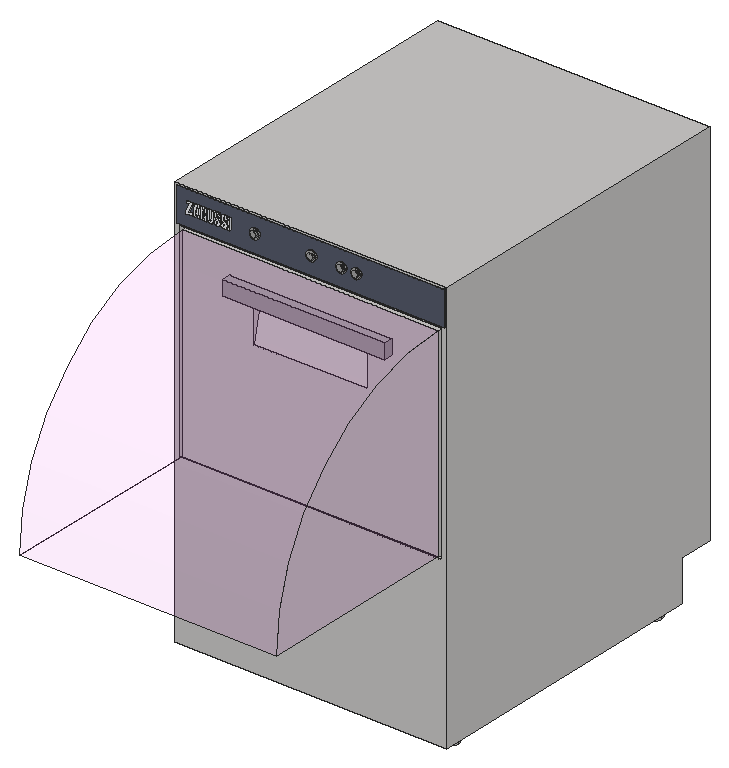
Revit family "QF_ZANUSSI_402298_ZSGC", category Attrezzature speciali, Revit 2020
Family settings
  Quota connettore circolare = Usa diametro
  Tipo di parte = Normale
  Basato su piano di lavoro = No
  Sempre verticale = Sì
  Taglio con vuoti quando caricato = No
  Condiviso = Sì
  Punto di calcolo locali = No
Parameters (values of type "Standard")
  Weight = 85.9803 lbm
  Watts = 2700 W
  Volts = 220 V
  URL Manufacturer = "http://www.zanussiprofessional.com"
  URL = "http://www.zanussiprofessional.com"
  Steam Supply Size = 0"
  Steam Supply Minimum Pressure = 0.00 psi
  Steam Supply Maximum Pressure = 0.00 psi
  Steam Consumption per Hour = 0
  Show Logo [instance] = yes
  Show Clearance [instance] = yes
  Refrigeration Suction Line Size = 0 mm
  Refrigeration Liquid Line Size = 0 mm
  Refrigerant Compressor Remote = yes
  Prospetto di default = 0 mm
  Produttore = "Zanussi"
  Phase = 1
  Modello = "ZSGC"
  Length Actual = 455 mm  # constant formula
  Item Number = "402298"
  Hot Water Size = 0"
  Height Actual = 700 mm  # constant formula
  HP = "3.6 HP"
  Gas Size = 0"
  Gas KW = 0
  Gas Input Pressure = 0.0 Btu/h
  Direct Waste Size = 1.14173"
  Descrizione = "GLASSWASHER(S) SINGLE SKIN, DRAIN PUMP, DETERGENT DISPENSER, COLD RINSE, 30B/H"
  Depth Actual = 550 mm  # constant formula
  Cycle = 50 Hz
  Condensate Return Size = 0"
  Compressed Air Volume = 0 GPM
  Compressed Air Size = 0"
  Compressed Air Pressure = 0.00 psi
  Cold Water Size = 3/4"
  Accessory = yes
Reference planes
  plane 1 "BACK": y = 0
  plane 2: z = 0
  plane 3 "LEFT": x = 0
  plane 4 "RIGHT": x = 455
  plane 5 "FRONT": y = -550
  plane 6 "TOP": z = 700
  plane 7: z = 80
Forms (mm)
  Extrusion 1, solid, material "QF_Finishes_Stainless Steel"
    sketch origin (572.404, -56, 162.714) x (1, 0, 0) y (0, 0, 1)
      loop
        line (-392.404, -132.714) -> (-392.404, -152.714) -> (-372.404, -152.714) -> (-372.404, -132.714) -> (-392.404, -132.714)
    from 0 to 2
  Extrusion 2, solid, material "QF_Finishes_Stainless Steel"
    sketch origin (492.814, -53, 212.692) x (1, 0, 0) y (0, 0, 1)
      loop
        circle (-372.814, -140.692) r 8
    from 0 to 5
  Extrusion 3, solid, material "QF_Finishes_Stainless Steel"
    sketch origin (0, 0, 0) x (0, 1, 0) y (0, 0, 1)
      loop
        line (0, 700) -> (-550, 700) -> (-550, 10) -> (-58, 10) -> (-58, 80) -> (0, 80) -> (0, 700)
    from 0 to 455
  Extrusion 4, void
    sketch origin (0, 0, 0) x (0, 1, 0) y (0, 0, 1)
      loop
        line (-520, 637) -> (-550, 637) -> (-550, 290) -> (-520, 290) -> (-520, 637)
    from 7.744 to 447.027
  Extrusion 5, solid, material "QF_Finishes_Stainless Steel"
    sketch origin (0, 0, 0) x (0, 1, 0) y (0, 0, 1)
      loop
        line (-525, 632) -> (-550, 632) -> (-550, 292) -> (-525, 292) -> (-525, 632)
    from 12.721 to 442.431
  Extrusion 6, void
    sketch origin (-10.963, 0, 0) x (0, 1, 0) y (0, 0, 1)
      loop
        line (-550, 567) -> (-550, 502) -> (-535, 567) -> (-550, 567)
    from 143.538 to 333.389
  Extrusion 7, solid, material "QF_Finishes_Gray"
    sketch origin (92.495, 0, 0) x (0, 1, 0) y (0, 0, 1)
      loop
        line (-550, 567) -> (-550, 592) -> (-565, 592) -> (-565, 567) -> (-550, 567)
    from 0 to 270.01
  Extrusion 8, solid, material "QF_Finishes_Navy Blue"
    sketch origin (0, 0, 0) x (0, 1, 0) y (0, 0, 1)
      loop
        line (-550, 640) -> (-550, 697) -> (-550.8, 697) -> (-550.8, 640) -> (-550, 640)
    from 3.223 to 451.973
  Revolve 9, solid, material "QF_Finishes_Door Clearance", visible <- "Show Clearance"
    sketch origin (0, -550, 0) x (1, 0, 0) y (0, 0, 1)
      loop
        line (12.721, 632) -> (12.721, 292) -> (442.431, 292) -> (442.431, 632) -> (12.721, 632)
      axis (442.431, 292) -> (12.721, 292)
    angle from 0 to -90
  Extrusion 10, solid, material "QF_Finishes_Stainless Steel"
    sketch origin (603.814, -53, 212.692) x (1, 0, 0) y (0, 0, 1)
      loop
        circle (-372.814, -140.692) r 8
    from 0 to 5
Cuts and joins
  Extrusion 4, Extrusion 6 cuts Extrusion 3
  Extrusion 6 cuts Extrusion 5
Dimensions and locks
  plane 1 "BACK" to plane 5 "FRONT" = 550 mm
  plane 4 "RIGHT" to plane 3 "LEFT" = 455 mm
  plane 6 "TOP" to level = 700 mm
  plane 3 "LEFT" to plane 4 "RIGHT" = 455 mm
  plane 5 "FRONT" to plane 1 "BACK" = 550 mm
  plane 6 "TOP" to plane 2 = 700 mm
  plane 7 to plane 2 = 80 mm
  cut or joined group of Extrusion 3, Extrusion 4, Extrusion 6 to Revolve 9 = 890 mm
  aligned and locked: level to plane 2
Nested families
  nested 1: "Piedino 10x12.5 mm - DISHWASHING" at (435.5, -517, 0), type "Piedino 10x12.5 mm - DISHWASHING"
  nested 2: "Piedino 10x12.5 mm - DISHWASHING" at (19.5, -517, 0) x (-1, 0, 0) z (0, 0, 1), type "Piedino 10x12.5 mm - DISHWASHING"
  nested 3: "Piedino 10x12.5 mm - DISHWASHING" at (435.5, -91, 0), type "Piedino 10x12.5 mm - DISHWASHING"
  nested 4: "Piedino 10x12.5 mm - DISHWASHING" at (19.5, -91, 0) x (-1, 0, 0) z (0, 0, 1), type "Piedino 10x12.5 mm - DISHWASHING"
  nested 5: "ZANUSSI_Logo - WHITE" at (62.415, -550.8, 719) x (1, 0, 0) z (0, -1, 0), Show Logo <- "Show Logo", visible <- "Show Logo", type "ZANUSSI_Logo - WHITE"
    with Show Logo yes
  nested 6: "Bottone grigio DISHWASHING" at (135, -550.8, 670) x (1, 0, 0) z (0, -1, 0), type "Bottone grigio DISHWASHING"
  nested 7: "Bottone grigio DISHWASHING" at (230, -550.8, 670) x (1, 0, 0) z (0, -1, 0), type "Bottone grigio DISHWASHING"
  nested 8: "Bottone grigio DISHWASHING" at (280, -550.8, 670) x (1, 0, 0) z (0, -1, 0), type "Bottone grigio DISHWASHING"
  nested 9: "Bottone grigio DISHWASHING" at (305, -550.8, 670) x (1, 0, 0) z (0, -1, 0), type "Bottone grigio DISHWASHING"
Connectors
  electrical at (190, -56, 20)
    settings: on Extrusion 1, index 3, voltage 0 V, apparent load 0 VA, apparent load phase1 0 VA, apparent load phase2 0 VA, apparent load phase3 0 VA, power factor 1, load classification "Altro", number of poles 1, system type 30, power factor state 1, is connector primary yes, connector utility no, sub classification motor no, connector description "EI"
  piping at (120, -53, 72), diameter 12.7
    settings: on Extrusion 2, index 4, connector inside diameter 24", connector length 0 mm, flow factor 0, pipe flow 0 GPM, pressure drop 0.00 psi, fitting loss kfactor 0, connector angle 0.00°, fixture units 0, engagement length 0 mm, angle of deflection 0.00°, flow configuration 0, flow direction 0, fitting loss method 0, system type 29, joint type 0, gender type 0, connector reference index -1, connector utility 0, adjustable connector no, is connector primary yes, connector description "WI"
  piping at (231, -53, 72), diameter 12.7
    settings: on Extrusion 10, index 5, connector inside diameter 24", connector length 0 mm, flow factor 0, pipe flow 0 GPM, pressure drop 0.00 psi, fitting loss kfactor 0, connector angle 0.00°, fixture units 0, engagement length 0 mm, angle of deflection 0.00°, flow configuration 0, flow direction 0, fitting loss method 0, system type 29, joint type 0, gender type 0, connector reference index -1, connector utility 0, adjustable connector no, is connector primary no, connector description "D"
Definition of nested family "Piedino 10x12.5 mm - DISHWASHING"
  Parameters (values of type "Piedino 10x12.5 mm - DISHWASHING")
    Default Elevation = 0 mm
    P = 930 mm
    L = 400 mm
    H = 290 mm
  Reference planes
    plane 1: y = 0
    plane 2: z = 0
    plane 3: x = 0
    plane 4: z = 290
    plane 5: z = 24
    plane 6: z = 55
  Forms (mm)
    Extrusion 1, solid
      sketch origin (-373.847, 979.72, 0) x (1, 0, 0) y (0, 1, 0)
        loop
          circle (373.847, -979.72) r 12.5
      from 0 to 10
  Dimensions and locks
    "H": plane 4 to level
    plane 4 to plane 5 to level = 266 mm, 24 mm
    level to plane 6 = 55 mm
    aligned and locked: level to plane 2
  Automatic sketch dimensions
    plane 3 to Extrusion 1 sketch curve = 0 mm
    plane 1 to Extrusion 1 sketch curve = 0 mm
    radius of Extrusion 1 sketch curve = 12.5 mm
Definition of nested family "ZANUSSI_Logo - WHITE"
  Parameters (values of type "ZANUSSI_Logo - WHITE")
    Show Logo [instance] = yes
    Default Elevation = 1219.2 mm
  Reference planes
    plane 1 "Center (Front/Back)": y = -49
    plane 2: z = 0
    plane 3 "Center (Left/Right)": x = -9.92
  Forms (mm)
    Extrusion 1, solid
      sketch origin (0, 0, 0) x (1, 0, 0) y (0, 1, 0)
        loop
          line (-1219.2, 1219.2) -> (-1219.2, -1219.2) -> (1219.2, -1219.2) -> (1219.2, 1219.2) -> (-1219.2, 1219.2)
      from 0 to -304.8
    Extrusion 2, solid, visible <- "Show Logo"
      sketch origin (106.353, -215.165, -50) x (1, 0, 0) y (0, 1, 0)
        loop
          line (-137.419, 156.48) -> (-137.419, 160.444) -> (-143.365, 160.444) -> (-137.419, 172.566) -> (-137.419, 175.851) -> (-147.274, 175.851) -> (-147.274, 172.226) -> (-142.063, 172.339) -> (-147.728, 160.444) -> (-147.728, 156.48) -> (-137.419, 156.48)
        loop
          line (-131.729, 163.73) -> (-129.463, 163.73) -> (-130.596, 172.54) -> (-131.729, 163.73)
        loop
          line (-132.748, 156.48) -> (-132.182, 160.218) -> (-128.897, 160.218) -> (-128.33, 156.48) -> (-124.252, 156.48) -> (-127.877, 175.851) -> (-133.315, 175.851) -> (-136.826, 156.48) -> (-132.748, 156.48)
        loop
          line (-123.75, 175.851) -> (-123.75, 156.48) -> (-120.238, 156.48) -> (-120.238, 169.281) -> (-116.953, 156.48) -> (-112.648, 156.48) -> (-112.648, 175.851) -> (-116.273, 175.851) -> (-116.273, 163.503) -> (-119.558, 175.851) -> (-123.75, 175.851)
        loop
          arc (-111.742, 161.27) -> (-106.896, 156.448) -> (-101.433, 160.558) r 5.22
          line (-101.433, 160.558) -> (-101.433, 175.851) -> (-105.398, 175.851) -> (-105.398, 161.464)
          arc (-105.398, 161.464) -> (-106.44, 160.263) -> (-107.777, 161.124) r 1.214
          line (-107.777, 161.124) -> (-107.777, 175.851) -> (-111.742, 175.851) -> (-111.742, 161.27)
        loop
          line (-94.069, 169.734) -> (-90.331, 169.734) -> (-90.269, 171.495)
          arc (-90.269, 171.495) -> (-90.53, 173.458) -> (-91.761, 175.009) r 3.719
          arc (-91.761, 175.009) -> (-95.38, 176.189) -> (-98.998, 175.009) r 6.139
          arc (-98.998, 175.009) -> (-100.474, 172.145) -> (-100.291, 168.927) r 6.125
          arc (-100.291, 168.927) -> (-99.079, 167.149) -> (-97.591, 165.594) r 13.068
          line (-97.591, 165.594) -> (-95.921, 164.113)
          arc (-95.921, 164.113) -> (-94.934, 163.275) -> (-94.167, 162.233) r 5.571
          arc (-94.167, 162.233) -> (-94.357, 160.41) -> (-96.143, 160.003) r 1.573
          arc (-96.143, 160.003) -> (-96.681, 160.547) -> (-96.911, 161.277) r 1.631
          arc (-96.911, 161.277) -> (-96.929, 161.791) -> (-96.911, 162.305) r 7.441
          arc (-96.911, 162.305) -> (-96.895, 162.791) -> (-96.911, 163.277) r 7.03
          line (-96.911, 163.277) -> (-100.866, 163.277)
          arc (-100.866, 163.277) -> (-100.828, 160.504) -> (-99.735, 157.955) r 7.131
          arc (-99.735, 157.955) -> (-94.571, 156.484) -> (-90.221, 159.633) r 6.148
          arc (-90.221, 159.633) -> (-90.141, 162.884) -> (-91.536, 165.823) r 7.021
          line (-91.536, 165.823) -> (-95.882, 169.734)
          arc (-95.882, 169.734) -> (-96.47, 170.472) -> (-96.785, 171.362) r 2.858
          arc (-96.785, 171.362) -> (-95.666, 172.959) -> (-94.069, 171.84) r 1.379
          line (-94.069, 171.84) -> (-94.069, 169.734)
        loop
          line (-82.771, 169.734) -> (-79.033, 169.734) -> (-78.971, 171.495)
          arc (-78.971, 171.495) -> (-79.232, 173.458) -> (-80.463, 175.009) r 3.719
          arc (-80.463, 175.009) -> (-84.081, 176.189) -> (-87.7, 175.009) r 6.139
          arc (-87.7, 175.009) -> (-89.175, 172.145) -> (-88.993, 168.927) r 6.125
          arc (-88.993, 168.927) -> (-87.781, 167.149) -> (-86.293, 165.594) r 13.068
          line (-86.293, 165.594) -> (-84.623, 164.113)
          arc (-84.623, 164.113) -> (-83.636, 163.275) -> (-82.869, 162.233) r 5.571
          arc (-82.869, 162.233) -> (-83.059, 160.41) -> (-84.845, 160.003) r 1.573
          arc (-84.845, 160.003) -> (-85.383, 160.547) -> (-85.613, 161.277) r 1.631
          arc (-85.613, 161.277) -> (-85.631, 161.791) -> (-85.613, 162.305) r 7.441
          arc (-85.613, 162.305) -> (-85.596, 162.791) -> (-85.613, 163.277) r 7.03
          line (-85.613, 163.277) -> (-89.568, 163.277)
          arc (-89.568, 163.277) -> (-89.53, 160.504) -> (-88.437, 157.955) r 7.131
          arc (-88.437, 157.955) -> (-83.272, 156.484) -> (-78.922, 159.633) r 6.148
          arc (-78.922, 159.633) -> (-78.843, 162.884) -> (-80.238, 165.823) r 7.021
          line (-80.238, 165.823) -> (-84.584, 169.734)
          arc (-84.584, 169.734) -> (-85.171, 170.472) -> (-85.486, 171.362) r 2.858
          arc (-85.486, 171.362) -> (-84.368, 172.959) -> (-82.771, 171.84) r 1.379
          line (-82.771, 171.84) -> (-82.771, 169.734)
        loop
          line (-78.21, 175.851) -> (-78.21, 156.48) -> (-74.245, 156.48) -> (-74.245, 175.851) -> (-78.21, 175.851)
      from 50 to 51.6
  Dimensions and locks
    aligned and locked: plane 2 to Extrusion 1
    aligned and locked: level to Extrusion 1
Definition of nested family "Bottone grigio DISHWASHING"
  Parameters (values of type "Bottone grigio DISHWASHING")
    Default Elevation = 1219.2 mm
  Reference planes
    plane 1 "Centro (Fronte/Retro)": y = 0
    plane 2: z = 0
    plane 3 "Centro (Sinistra/Destra)": x = 0
  Forms (mm)
    Extrusion 1, solid
      sketch origin (0, 0, 0) x (1, 0, 0) y (0, 1, 0)
        loop
          line (-1219.2, 1219.2) -> (-1219.2, -1219.2) -> (1219.2, -1219.2) -> (1219.2, 1219.2) -> (-1219.2, 1219.2)
      from 0 to -304.8
    Extrusion 2, solid
      sketch origin (0, 0, 0) x (1, 0, 0) y (0, 1, 0)
        loop
          circle (0, 0) r 8
        loop
          circle (0, 0) r 5
      from 0 to 2
    Extrusion 3, solid
      sketch origin (0, 0, 0) x (1, 0, 0) y (0, 1, 0)
        loop
          circle (0, 0) r 4.9
      from 0 to 4
  Dimensions and locks
    aligned and locked: plane 2 to Extrusion 1
    aligned and locked: level to Extrusion 1
